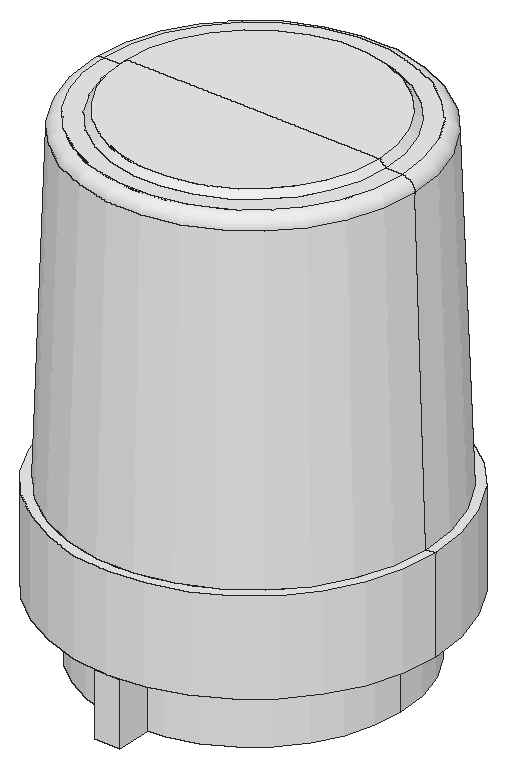
Revit family "1RAX_RFA", category Pipe Accessories, Revit 2019
Family settings
  Round Connector Dimension = Use Diameter
  Part Type = Normal
  OmniClass Number = 23.65.55.14.17
  OmniClass Title = Adjusting/Controlling Valves for Liquid Services
  Work Plane-Based = No
  Always vertical = Yes
  Cut with Voids When Loaded = No
  Shared = Yes
Parameters (values of type "RAX_White_013G6070")
  Weight = 0.12 kg  # constant formula
  W [instance] = 99.987 mm
  URL = "https://store.danfoss.com/en/Climate-Solutions-for-heating/Radiator-Thermostats/Radiator-sensors/Room-sensor-mTRV/c/6177?q=%3Arelevance%3Adanfoss_producttypehierarchydesc%3Ab02f07b71bd76ed680769157b58a4f9a7b74e73b&text="
  Model Type = "RAX_White"
  Model = "013G6070"
  Min Temperature Setting = "8 °C"  # constant formula
  Max Temperature Setting = "28 °C"  # constant formula
  Material = Danfoss Plastic White
  Manufacturer = "Danfoss"  # constant formula
  LOD 350 = not(LOD 200)  # yes
  LOD 200 = no
  L [instance] = 99.987 mm
  IfcExportType = "RAX"  # constant formula
  IfcExportAs = "IfcActuatorType"  # constant formula
  H [instance] = 133.773 mm
  Description = "Radiator Sensor"  # constant formula
  Body Material = Danfoss Plastic White
  Application = "Liquid Sensor"  # constant formula
Types (5, lengths in mm): name | Model Type | Model | Material | Body Material
  (no name) | "RAX_White" | "013G6070" | Danfoss Plastic White | Danfoss Plastic White
  RAX_Chrome_013G6170 | "RAX_Chrome" | "013G6170" | Danfoss plastic (Chrome coated) | Danfoss plastic (Chrome coated)
  RAX_White_013G6070 | "RAX_White" | "013G6070" | Danfoss Plastic White | Danfoss Plastic White
  RAX_Black_013G6075 | "RAX_Black" | "013G6075" | Danfoss Plastic Black | Danfoss Plastic Black
  RAX_Combi_013G6176 | "RAX_Combi" | "013G6176" | Danfoss plastic (Chrome coated) | Danfoss Plastic White
Reference planes
  plane 1 "Center (Front/Back)": y = 0
  plane 2: z = 0
  plane 3 "Center (Left/Right)": x = 0
  plane 4: x = -49.994
  plane 5: x = 49.994
  plane 6: y = 49.994
  plane 7: y = -49.994
  plane 8: z = 133.773
Forms (mm)
  Revolve 1, solid, material "Danfoss Plastic White" <- "Body Material", visible <- "LOD 200", detail levels fine
    sketch origin (0, 0, 0) x (1, 0, 0) y (0, 0, 1)
      loop
        line (0, 133.773) -> (-44.412, 133.773) -> (-49.994, 42.333) -> (-49.994, 16.933) -> (-40.64, 16.933) -> (-40.64, 0) -> (0, 0) -> (0, 133.773)
      axis (0, 0) -> (0, 133.773)
    angle from 0 to 360
  Revolve 2, solid, material "Danfoss Plastic White" <- "Body Material", visible <- "LOD 350", detail levels fine
    sketch origin (0, 0, 0) x (1, 0, 0) y (0, 0, 1)
      loop
        line (0, 133.773) -> (-34.713, 133.773) -> (-36.407, 132.08) -> (-41.009, 132.08)
        arc (-41.009, 132.08) -> (-43.361, 131.129) -> (-44.393, 128.812) r 3.387
        line (-44.393, 128.812) -> (-47.413, 42.333) -> (-49.994, 42.333) -> (-49.994, 16.933) -> (-40.64, 16.933) -> (-40.64, 0) -> (0, 0) -> (0, 133.773)
      axis (0, 133.773) -> (0, 0)
    angle from 0 to 360
  Extrusion 3, solid, material "Danfoss Plastic White" <- "Material", visible <- "LOD 350", detail levels fine
    sketch origin (0, 0, 0) x (0, 1, 0) y (0, 0, 1)
      loop
        line (-49.994, 16.933) -> (-49.994, 0) -> (-40.64, 0) -> (-40.64, 16.933) -> (-49.994, 16.933)
    from -3.4 to 3.4
Dimensions and locks
  "H": plane 8 to level
  "L": plane 4 to plane 5
  "W": plane 6 to plane 7
  aligned and locked: level to plane 2
  aligned and locked: plane 3 "Center (Left/Right)" to Revolve 1 sketch curve
  aligned and locked: Revolve 2 sketch curve to plane 3 "Center (Left/Right)"
Automatic sketch dimensions
  Revolve 2 sketch curve to level = 0 mm
  Revolve 2 sketch curve to plane 3 "Center (Left/Right)" = 0 mm
  Revolve 2 sketch curve to Revolve 2 sketch curve = 3.385 mm
  Revolve 2 sketch curve to Revolve 2 sketch curve = 2.58 mm
  level to Revolve 2 sketch curve = 16.933 mm
  Revolve 2 sketch curve to Revolve 2 sketch curve = 25.4 mm
  Revolve 2 sketch curve to Revolve 2 sketch curve = 0.118 mm
  Revolve 2 sketch curve to Revolve 2 sketch curve = 1.693 mm  (x2)
  Revolve 2 sketch curve to Revolve 2 sketch curve = 17.973 mm
  Revolve 2 sketch curve to Revolve 2 sketch curve = 7.973 mm
  Revolve 1 sketch curve to level = 0 mm
  Revolve 1 sketch curve to plane 3 "Center (Left/Right)" = 0 mm
  Revolve 1 sketch curve to Revolve 1 sketch curve = 9.354 mm
  level to Revolve 1 sketch curve = 16.933 mm
  Revolve 1 sketch curve to Revolve 1 sketch curve = 25.4 mm
  Revolve 1 sketch curve to Revolve 1 sketch curve = 2.973 mm
  Revolve 1 sketch curve to Revolve 1 sketch curve = 17.027 mm
  Revolve 1 sketch curve to Revolve 1 sketch curve = 5.582 mm
  Extrusion 3 sketch curve to level = 0 mm
  Extrusion 3 sketch curve to Extrusion 3 sketch curve = 9.354 mm
  level to Extrusion 3 sketch curve = 16.933 mm
  Revolve 1 sketch curve to plane 4 = 0 mm
  Revolve 2 sketch curve to plane 4 = 0 mm
  plane 4 to Revolve 2 sketch curve = 5.6 mm
  plane 4 to Revolve 2 sketch curve = 9.354 mm
  Revolve 2 sketch curve to Revolve 2 sketch curve = 4.602 mm
  Extrusion 3 sketch curve to plane 7 = 0 mm
  Revolve 1 sketch curve to plane 8 = 0 mm
  Revolve 2 sketch curve to plane 8 = 0 mm
